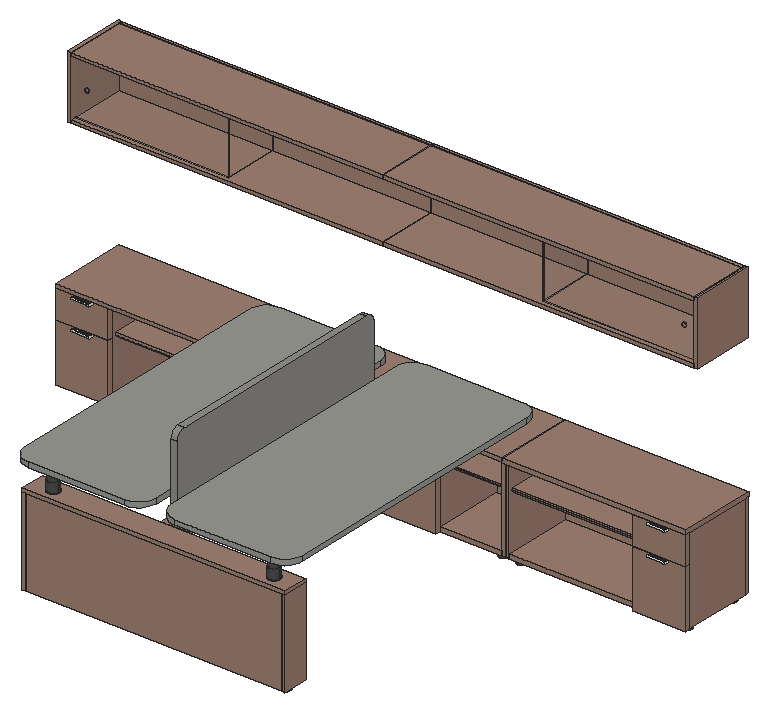
Revit family "T100135", category Furniture, Revit 2018
Family settings
  OmniClass Number = 23.40.20.00
  OmniClass Title = General Furniture and Specialties
  Work Plane-Based = No
  Always vertical = Yes
  Cut with Voids When Loaded = No
  Shared = No
  Room Calculation Point = No
Parameters (values of type "APTOS011")
  URL = "http://ofsbrands.com"
  Table Height [instance] = 27"
  Model = "APTOS011"
  Manufacturer = "OFS"
  Description = "OFS BRANDS OFS APTOS TYPICAL APTOS011"
  Copyright © = "© OFS BRANDS 2017"
  Catalog = "APTOS http://ofsbrands.com/products/casegoods/private-office/aptos"
  Authoring Version = "Autodesk Revit Architecture 2013"
  Assembly Code = "E2020200"
Reference planes (in)
  plane 1 "Center (Front/Back)": y = 0
  plane 2: z = 0
  plane 3 "Center (Left/Right)": x = 0
Dimensions and locks (in)
  aligned and locked: level to plane 2
  aligned and locked: nested 3 to nested 2
  aligned and locked: nested 9 to nested 2
Nested families (in)
  nested 1: "APTOS HEIGHT ADJUSTABLE MIDDLE CABINET 60IN WIDTH WITH END STORAGE" at (0, 0, 0), Table Height <- "Table Height", type "APTOS HEIGHT ADJUSTABLE MIDDLE CABINET 18" Depth Double Users"
    with Table Height 27", Standard Columns yes
  nested 2: "APTOS HEIGHT ADJUSTABLE PANEL BASE" at (0, -80, 0) x (-1, 0, 0) z (0, 0, 1), Table Height <- "Table Height", type "APTOS HEIGHT ADJUSTABLE PANEL BASE 60" Width"
    with Table Height 27", Standard Columns yes
  nested 3: "APTOS HEIGHT ADJUSTABLE SOLID SURFACE WORKSURFACE SOFT RECTANGLE" at (31.71875, -45, 3) x (0, -1, 0) z (0, 0, 1), type "APTOS HEIGHT ADJUSTABLE SOLID SURFACE WORKSURFACE SOFT RECTANGLE 72" x 30""
  nested 4: "APTOS FABRIC SURFACE MOUNT PRIVACY PANEL VERTICAL" at (-0.71875, -46, 22.5) x (0, 1, 0) z (0, 0, 1), type "APTOS FABRIC SURFACE MOUNT PRIVACY PANEL 56" x 19.5""
    with Height 19 1/2"
  nested 5: "APTOS WALLMOUNT ORGANIZER WITH OPEN END AND SLIDING GLASS DOOR Left" at (-36, 0, 0), type "APTOS WALLMOUNT ORGANIZER WITH OPEN END AND SLIDING GLASS DOOR 72" Width, Left Sliding Glass Door"
    with Width 72"
  nested 6: "APTOS WALLMOUNT ORGANIZER WITH OPEN END AND SLIDING GLASS DOOR Right" at (36, 0, 0), type "APTOS WALLMOUNT ORGANIZER WITH OPEN END AND SLIDING GLASS DOOR 72" Width, Right Sliding Glass Door"
  nested 7: "APTOS OPEN LEFT AND BOX-FILE RIGHT" at (51, 0, 0), type "APTOS OPEN LEFT AND BOX/FILE RIGHT 42"W"
    with Width 42", Right Module Size 11 5/8"
  nested 8: "APTOS OPEN RIGHT AND BOX-FILE LEFT" at (-51, 0, 0), type "APTOS OPEN RIGHT AND BOX/FILE LEFT 42"W"
    with Width 42", Left Module Size 11 5/8"
  nested 9: "APTOS HEIGHT ADJUSTABLE SOLID SURFACE WORKSURFACE SOFT RECTANGLE" at (-31.71875, -45, 3) x (0, -1, 0) z (0, 0, 1), type "APTOS HEIGHT ADJUSTABLE SOLID SURFACE WORKSURFACE SOFT RECTANGLE 72" x 30""
  nested 10: "APTOS RAIL" at (0, -46, 0) x (0, 1, 0) z (0, 0, 1), type "APTOS DUFOIL LEGS"
Definition of nested family "APTOS HEIGHT ADJUSTABLE MIDDLE CABINET 60IN WIDTH WITH END STORAGE"
  Parameters
    Width = 60"
    URL = "http://ofsbrands.com"
    Top Board Back Offset = 0"
    Table Height [instance] = 27"
    Standard Columns [instance] = yes
    Shelf Height = 13"
    Drawer Gap = 7/8"
    Table Material = none
    Depth = 30"
    Column Plate Thickness = 0.31357"
    Column Material = none
    Box Width = 28 1/2"
    Bottom Drawer Height = 12"
    Board Thick Top = 3/4"
    Board Thick Door = 1 1/8"
    Depth 2 = 30"
    Board Material = none
    Model = "34-6030HAWC4"
    Manufacturer = "OFS"
    Leg Caps Material = none
    Leg Offset = 2"
    Board Thick Internal = 3/4"
    Height = 22 1/4"
    Description = "OFS BRANDS OFS APTOS HEIGHT ADJUSTABLE MIDDLE CABINET 30\" Depth , Dual User (Two Lifting Columns), One Adjustable Shelf Each End, One Stationary Shelf Each End."
    Copyright © = "© OFS BRANDS 2017"
    Catalog = "APTOS http://ofsbrands.com/products/casegoods/private-office/aptos"
    Bottom Board Offset = 1 1/2"
    Board Thick Bot = 1"
    Board Thick Shelfs = 7/8"
    Board Thick Sides = 3/4"
    Board Thick Front = 3/4"
    Board Thick Back = 3/4"
    Authoring Version = "Autodesk Revit Architecture 2013"
    Assembly Code = "E2020200"
  Reference planes (in)
    plane 1 "Center Front/Back": y = 0
    plane 2: z = 0
    plane 3 "Center Left/Right": x = 0
    plane 4 "Left End": x = -30
    plane 5 "Front End": y = -28.875
    plane 6 "Right End": x = 30
    plane 7 "Back End": y = 0
    plane 8 "Height Top": z = 22.25
    plane 9: x = -29.25
    plane 10: x = 29.25
    plane 11: z = 14.625
    plane 12: z = 15.5
    plane 13: z = 21.5
    plane 14: z = 1.5
    plane 15: z = 2.5
    plane 16: y = -28.125
    plane 17: y = -2
    plane 18: y = -2
    plane 19: y = -26.875
    plane 20: y = -26.875
    plane 21: x = -28
    plane 22: x = 28
    plane 23: x = 28
    plane 24: x = -28
    plane 25: x = -15
    plane 26: x = -14.25
    plane 27: y = -30
    plane 28: z = 15.375
    plane 29: y = -0.75
    plane 30: x = 15
    plane 31: x = 14.25
    plane 32: z = 14.5
    plane 33: y = 0
    plane 34: z = 27
    plane 35: z = 26.68643
    plane 36: z = 24.625
  Forms (in)
    Extrusion 1, solid, material <- "Board Material"
      sketch origin (0, 0, 0) x (1, 0, 0) y (0, 1, 0)
        loop
          line (-30, -0.75) -> (-30, -28.875) -> (-29.25, -28.875) -> (-29.25, -0.75) -> (-30, -0.75)
      from 1.5 to 21.5
    Extrusion 2, solid, material <- "Board Material"
      sketch origin (0, 0, 0) x (-1, 0, 0) y (0, -1, 0)
        loop
          line (-30, 0.75) -> (-29.25, 0.75) -> (-29.25, 28.875) -> (-30, 28.875) -> (-30, 0.75)
      from 1.5 to 21.5
    Extrusion 3, solid, material <- "Board Material"
      sketch origin (0, 0, 0) x (1, 0, 0) y (0, 1, 0)
        loop
          line (-29.25, -0.75) -> (-29.25, -28.875) -> (29.25, -28.875) -> (29.25, -0.75) -> (-29.25, -0.75)
      from 1.5 to 2.5
    Extrusion 4, solid, material <- "Board Material"
      sketch origin (0, 0, 0) x (1, 0, 0) y (0, 1, 0)
        loop
          line (-30, 0) -> (-30, -30) -> (30, -30) -> (30, 0) -> (-30, 0)
      from 21.5 to 22.25
    Revolve 5, solid, material <- "Leg Caps Material"
      sketch origin (0, -2, 0) x (-1, 0, 0) y (0, 0, 1)
        loop
          line (27, 0.28743) -> (27.5, 0.28743)
          arc (27.5, 0.28743) -> (27.35629, 0.14371) -> (27.5, 0) r 0.14371
          line (27.5, 0) -> (28, 0) -> (28, 1.5) -> (27, 1.5) -> (27, 0.28743)
        axis (28, 1.5) -> (28, 0)
      angle from 0 to 360
    Revolve 6, solid, material <- "Leg Caps Material"
      sketch origin (0, -2, 0) x (1, 0, 0) y (0, 0, -1)
        loop
          line (27, -0.28743) -> (27, -1.5) -> (28, -1.5) -> (28, 0) -> (27.5, 0)
          arc (27.5, 0) -> (27.35629, -0.14371) -> (27.5, -0.28743) r 0.14371
          line (27.5, -0.28743) -> (27, -0.28743)
        axis (28, -1.5) -> (28, 0)
      angle from 0 to 360
    Revolve 7, solid, material <- "Leg Caps Material"
      sketch origin (0, -26.875, 0) x (-1, 0, 0) y (0, 0, -1)
        loop
          line (27, -0.28743) -> (27, -1.5) -> (28, -1.5) -> (28, 0) -> (27.5, 0)
          arc (27.5, 0) -> (27.35629, -0.14371) -> (27.5, -0.28743) r 0.14371
          line (27.5, -0.28743) -> (27, -0.28743)
        axis (28, -1.5) -> (28, 0)
      angle from 0 to 360
    Revolve 8, solid, material <- "Leg Caps Material"
      sketch origin (0, -26.875, 0) x (1, 0, 0) y (0, 0, 1)
        loop
          line (27, 0.28743) -> (27.5, 0.28743)
          arc (27.5, 0.28743) -> (27.35629, 0.14371) -> (27.5, 0) r 0.14371
          line (27.5, 0) -> (28, 0) -> (28, 1.5) -> (27, 1.5) -> (27, 0.28743)
        axis (28, 1.5) -> (28, 0)
      angle from 0 to 360
    Extrusion 9, solid, material <- "Board Material"
      sketch origin (0, 0, 0) x (1, 0, 0) y (0, 1, 0)
        loop
          line (-15, -0.75) -> (-15, -28.875) -> (-14.25, -28.875) -> (-14.25, -0.75) -> (-15, -0.75)
      from 2.5 to 21.5
    Extrusion 10, solid, material <- "Board Material"
      sketch origin (0, 27.875, 0) x (1, 0, 0) y (0, 1, 0)
        loop
          line (-30, -27.875) -> (-30, -28.625) -> (30, -28.625) -> (30, -27.875) -> (-30, -27.875)
      from 1.5 to 21.5
    Extrusion 11, solid, material <- "Board Material"
      sketch origin (0, 0, 0) x (0, 1, 0) y (0, 0, 1)
        loop
          line (-0.75, 15.5) -> (-28.125, 15.5) -> (-28.125, 15.125) -> (-27.625, 14.625) -> (-0.75, 14.625) -> (-0.75, 15.5)
      from -29.25 to -15
    Extrusion 12, solid, material <- "Board Material"
      sketch origin (0, 0, 0) x (1, 0, 0) y (0, 1, 0)
        loop
          line (15, -28.875) -> (-15, -28.875) -> (-15, -30) -> (15, -30) -> (15, -28.875)
      from 1.5 to 14.5
    Extrusion 13, solid, material <- "Board Material"
      sketch origin (0, 0, 0) x (1, 0, 0) y (0, 1, 0)
        loop
          line (15, -28.875) -> (-15, -28.875) -> (-15, -30) -> (15, -30) -> (15, -28.875)
      from 15.375 to 21.5
    Revolve 14, solid, material <- "Leg Caps Material"
      sketch origin (-28, -2, 0) x (1, 0, 0) y (0, 0, -1)
        loop
          line (27, -0.28743) -> (27, -1.5) -> (28, -1.5) -> (28, 0) -> (27.5, 0)
          arc (27.5, 0) -> (27.35629, -0.14371) -> (27.5, -0.28743) r 0.14371
          line (27.5, -0.28743) -> (27, -0.28743)
        axis (28, -1.5) -> (28, 0)
      angle from 0 to 360
    Revolve 15, solid, material <- "Leg Caps Material"
      sketch origin (-28, -26.875, 0) x (1, 0, 0) y (0, 0, 1)
        loop
          line (27, 0.28743) -> (27.5, 0.28743)
          arc (27.5, 0.28743) -> (27.35629, 0.14371) -> (27.5, 0) r 0.14371
          line (27.5, 0) -> (28, 0) -> (28, 1.5) -> (27, 1.5) -> (27, 0.28743)
        axis (28, 1.5) -> (28, 0)
      angle from 0 to 360
    Extrusion 16, solid, material <- "Board Material"
      sketch origin (0, 0, 0) x (-1, 0, 0) y (0, -1, 0)
        loop
          line (-15, 0.75) -> (-14.25, 0.75) -> (-14.25, 28.875) -> (-15, 28.875) -> (-15, 0.75)
      from 2.5 to 21.5
    Extrusion 17, void
      sketch origin (0, 0, 0) x (0, 1, 0) y (0, 0, 1)
        loop
          line (-29.75, 15.375) -> (-28.875, 15.375) -> (-28.875, 16.25) -> (-29.75, 15.375)
        loop
          line (-29.75, 14.5) -> (-28.875, 13.625) -> (-28.875, 14.5) -> (-29.75, 14.5)
      from -30 to 30
    Extrusion 18, solid
      sketch origin (0, 0, 0) x (0, 1, 0) y (0, 0, 1)
        loop
          line (-28.875, 16.25) -> (-28.875, 13.625) -> (-28.125, 13.625) -> (-28.125, 16.25) -> (-28.875, 16.25)
      from -14.25 to 14.25
    Extrusion 19, solid, material <- "Board Material"
      sketch origin (0, 0, 0) x (0, 1, 0) y (0, 0, 1)
        loop
          line (-0.75, 15.5) -> (-28.125, 15.5) -> (-28.125, 15.125) -> (-27.625, 14.625) -> (-0.75, 14.625) -> (-0.75, 15.5)
      from 15 to 29.25
    Extrusion 20, void
      sketch origin (0, 0, 0) x (1, 0, 0) y (0, 0, 1)
        loop
          line (2.25168, 21.5) -> (-2.24832, 21.5) -> (-2.24832, 19.24075) -> (2.25168, 19.24075) -> (2.25168, 21.5)
      from 0 to 30
    Extrusion 21, solid, material <- "Column Material", visible <- "Standard Columns"
      sketch origin (-7.27539, 59.09415, 0) x (1, 0, 0) y (0, 1, 0)
        loop
          circle (17.52539, -85.7497) r 1.37795
      from 2.5 to 22.25
    Extrusion 22, solid, material <- "Column Material", visible <- "Standard Columns"
      sketch origin (-7.27539, 59.09415, 0) x (1, 0, 0) y (0, 1, 0)
        loop
          circle (17.52539, -85.7497) r 1.25295
      from 22.25 to 24.625
    Extrusion 23, solid, material <- "Column Material", visible <- "Standard Columns"
      sketch origin (-7.27539, 59.09415, 0) x (1, 0, 0) y (0, 1, 0)
        loop
          circle (17.52539, -85.7497) r 1.12795
      from 24.625 to 26.68643
    Extrusion 24, solid, material <- "Column Material"
      sketch origin (-11.75, 11.84445, 0) x (-1, 0, 0) y (0, -1, 0)
        loop
          line (-26, 36.5) -> (-20, 36.5) -> (-20, 42.5) -> (-26, 42.5) -> (-26, 36.5)
      from 26.68643 to 27
    Extrusion 25, solid, material <- "Column Material", visible <- "Standard Columns"
      sketch origin (7.27539, 59.09415, 0) x (-1, 0, 0) y (0, -1, 0)
        loop
          circle (17.52539, 85.7497) r 1.37795
      from 2.5 to 22.25
    Extrusion 26, solid, material <- "Column Material", visible <- "Standard Columns"
      sketch origin (7.27539, 59.09415, 0) x (-1, 0, 0) y (0, -1, 0)
        loop
          circle (17.52539, 85.7497) r 1.25295
      from 22.25 to 24.625
    Extrusion 27, solid, material <- "Column Material", visible <- "Standard Columns"
      sketch origin (7.27539, 59.09415, 0) x (-1, 0, 0) y (0, -1, 0)
        loop
          circle (17.52539, 85.7497) r 1.12795
      from 24.625 to 26.68643
    Extrusion 28, solid, material <- "Column Material"
      sketch origin (11.75, 11.84445, 0) x (1, 0, 0) y (0, 1, 0)
        loop
          line (-26, -36.5) -> (-26, -42.5) -> (-20, -42.5) -> (-20, -36.5) -> (-26, -36.5)
      from 26.68643 to 27
  Cuts and joins
    Extrusion 17 cuts Extrusion 12
    Extrusion 17, Extrusion 20 cuts Extrusion 13
  Dimensions and locks (in)
    equal spacing: plane 4 "Left End", plane 3 "Center Left/Right", plane 6 "Right End"
    "Width": plane 4 "Left End" to plane 6 "Right End"
    "Height": plane 8 "Height Top" to level
    "Board Thick Sides": plane 4 "Left End" to plane 9
    "Board Thick Sides": plane 10 to plane 6 "Right End"
    "Board Thick Top": plane 8 "Height Top" to plane 13
    "Board Thick Shelfs": plane 12 to plane 11
    "Board Thick Bot": plane 15 to plane 14
    "Bottom Board Offset": plane 14 to level
    "Board Thick Front": plane 16 to plane 5 "Front End"
    "Leg Offset": plane 19 to plane 5 "Front End"
    "Leg Offset": plane 20 to plane 5 "Front End"
    "Leg Offset": plane 17 to plane 7 "Back End"
    "Leg Offset": plane 18 to plane 7 "Back End"
    "Leg Offset": plane 4 "Left End" to plane 21
    "Leg Offset": plane 22 to plane 6 "Right End"
    "Leg Offset": plane 23 to plane 6 "Right End"
    "Leg Offset": plane 4 "Left End" to plane 24
    "Board Thick Internal": plane 25 to plane 26
    "Board Thick Door": plane 27 to plane 5 "Front End"
    "Shelf Height": plane 12 to plane 15
    "Board Thick Back": plane 29 to plane 1 "Center Front/Back"
    "Depth 2": plane 27 to plane 1 "Center Front/Back"
    "Board Thick Internal": plane 30 to plane 31
    equal spacing: plane 26, plane 3 "Center Left/Right", plane 31
    "Box Width": plane 26 to plane 31
    "Bottom Drawer Height": plane 32 to plane 15
    "Drawer Gap": plane 28 to plane 32
    "Top Board Back Offset": plane 33 to plane 7 "Back End"
    "Table Height": plane 34 to level
    "Column Plate Thickness": plane 34 to plane 35
    equal spacing: plane 34, plane 36, plane 8 "Height Top"
    aligned and locked: level to plane 2
    aligned and locked: plane 5 "Front End" to Extrusion 1 sketch curve
    aligned and locked: Extrusion 1 sketch curve to plane 4 "Left End"
    aligned and locked: Extrusion 1 sketch curve to plane 9
    aligned and locked: plane 5 "Front End" to Extrusion 2
    aligned and locked: plane 10 to Extrusion 2
    aligned and locked: Extrusion 2 to plane 6 "Right End"
    aligned and locked: plane 14 to Extrusion 2
    aligned and locked: plane 10 to Extrusion 3 sketch curve
    aligned and locked: Extrusion 3 sketch curve to plane 9
    aligned and locked: plane 18 to Revolve 5
    aligned and locked: Revolve 6 to plane 17
    aligned and locked: plane 20 to Revolve 8
    aligned and locked: Revolve 7 to plane 19
    aligned and locked: Extrusion 9 sketch curve to plane 25
    aligned and locked: plane 26 to Extrusion 9 sketch curve
    aligned and locked: Extrusion 9 to plane 5 "Front End"
    aligned and locked: Extrusion 10 to plane 4 "Left End"
    aligned and locked: Extrusion 10 to plane 6 "Right End"
    aligned and locked: Extrusion 10 to plane 14
    aligned and locked: Extrusion 3 to plane 15
    aligned and locked: Extrusion 3 to plane 14
    aligned and locked: Extrusion 9 to plane 15
    aligned and locked: plane 13 to Extrusion 9
    aligned and locked: Extrusion 10 to plane 13
    aligned and locked: Extrusion 2 to plane 13
    aligned and locked: Extrusion 4 to plane 27
    aligned and locked: Extrusion 4 to plane 6 "Right End"
    aligned and locked: Extrusion 4 to plane 4 "Left End"
    aligned and locked: plane 8 "Height Top" to Extrusion 4
    aligned and locked: Extrusion 4 to plane 13
    aligned and locked: Extrusion 11 sketch curve to plane 12
    aligned and locked: plane 11 to Extrusion 11 sketch curve
    aligned and locked: Extrusion 11 sketch curve to plane 16
    aligned and locked: Extrusion 12 to plane 14
    aligned and locked: Extrusion 13 to plane 13
    aligned and locked: Extrusion 13 to plane 28
    aligned and locked: Extrusion 10 to plane 29
    aligned and locked: Extrusion 10 to plane 1 "Center Front/Back"
    aligned and locked: plane 29 to Extrusion 11
    aligned and locked: plane 29 to Extrusion 9
    aligned and locked: plane 13 to Extrusion 1
    aligned and locked: Extrusion 1 to plane 14
    aligned and locked: plane 17 to Revolve 14
    aligned and locked: Revolve 15 to plane 20
    aligned and locked: Extrusion 16 sketch curve to plane 30
    aligned and locked: Extrusion 16 sketch curve to plane 31
    aligned and locked: Extrusion 12 to plane 32
    aligned and locked: Extrusion 4 to plane 33
    aligned and locked: Extrusion 18 sketch curve to plane 16
    aligned and locked: Extrusion 18 sketch curve to cut or joined group of Extrusion 13, Extrusion 17, Extrusion 20
    aligned and locked: Extrusion 3 to plane 29
    aligned and locked: plane 29 to Extrusion 2
    aligned and locked: plane 29 to Extrusion 1
    aligned and locked: cut or joined group of Extrusion 12, Extrusion 17 to plane 25
    aligned and locked: cut or joined group of Extrusion 13, Extrusion 17, Extrusion 20 to plane 25
    aligned and locked: cut or joined group of Extrusion 13, Extrusion 17, Extrusion 20 to plane 30
    aligned and locked: cut or joined group of Extrusion 12, Extrusion 17 to plane 30
    aligned and locked: plane 31 to Extrusion 18
    aligned and locked: plane 26 to Extrusion 18
    aligned and locked: Extrusion 11 to plane 9
    aligned and locked: plane 25 to Extrusion 11
    aligned and locked: Extrusion 19 to plane 10
    aligned and locked: plane 30 to Extrusion 19
    aligned and locked: Extrusion 16 to plane 13
    aligned and locked: Extrusion 16 to plane 15
    aligned and locked: Extrusion 4 to Extrusion 20
    aligned and locked: Extrusion 10 to Extrusion 20
    aligned and locked: Extrusion 20 to Extrusion 2
    aligned and locked: plane 34 to Extrusion 24
    aligned and locked: plane 34 to Extrusion 28
    aligned and locked: Extrusion 24 to plane 35
    aligned and locked: Extrusion 28 to plane 35
    aligned and locked: plane 35 to Extrusion 23
    aligned and locked: plane 35 to Extrusion 27
    aligned and locked: plane 36 to Extrusion 22
    aligned and locked: Extrusion 23 to plane 36
    aligned and locked: plane 36 to Extrusion 26
    aligned and locked: Extrusion 27 to plane 36
    aligned and locked: plane 8 "Height Top" to Extrusion 21
    aligned and locked: Extrusion 22 to plane 8 "Height Top"
    aligned and locked: plane 8 "Height Top" to Extrusion 25
    aligned and locked: Extrusion 26 to plane 8 "Height Top"
  Automatic sketch dimensions
    Extrusion 1 sketch curve to plane 29 = 0"
    plane 5 "Front End" to Extrusion 2 sketch curve = 0"
    Extrusion 2 sketch curve to plane 6 "Right End" = 0"
    Extrusion 2 sketch curve to plane 10 = 0"
    plane 29 to Extrusion 2 sketch curve = 0"
    Extrusion 3 sketch curve to plane 5 "Front End" = 0"
    Extrusion 3 sketch curve to plane 29 = 0"
    Extrusion 4 sketch curve to plane 4 "Left End" = 0"
    Extrusion 4 sketch curve to plane 6 "Right End" = 0"
    Extrusion 4 sketch curve to plane 27 = 0"
    plane 33 to Extrusion 4 sketch curve = 0"
    Revolve 5 sketch curve to plane 14 = 0"
    Revolve 5 sketch curve to level = 0"
    plane 21 to Revolve 5 sketch curve = 0"  (x2)
    level to Revolve 5 sketch curve = 0.28743"
    Revolve 5 sketch curve to plane 21 = 1/2"
    Revolve 5 sketch curve to Revolve 5 sketch curve = 1/2"  (x2)
    Revolve 5 sketch curve to Revolve 5 sketch curve = 0"
    level to Revolve 5 sketch curve = 0.14371"
    Revolve 5 sketch curve to plane 15 = 1/4"
    Revolve 6 sketch curve to plane 14 = 0"
    Revolve 6 sketch curve to level = 0"
    Revolve 6 sketch curve to plane 22 = 0"  (x2)
    level to Revolve 6 sketch curve = 0.28743"
    Revolve 6 sketch curve to plane 22 = 1/2"
    Revolve 6 sketch curve to Revolve 6 sketch curve = 1/2"
    Revolve 6 sketch curve to Revolve 6 sketch curve = 0"  (x2)
    Revolve 6 sketch curve to plane 15 = 1/4"
    Revolve 6 sketch curve to level = 1/2"
    Revolve 7 sketch curve to plane 14 = 0"
    Revolve 7 sketch curve to level = 0"
    plane 21 to Revolve 7 sketch curve = 0"  (x2)
    level to Revolve 7 sketch curve = 0.28743"
    Revolve 7 sketch curve to plane 21 = 1/2"
    Revolve 7 sketch curve to Revolve 7 sketch curve = 1/2"  (x2)
    Revolve 7 sketch curve to Revolve 7 sketch curve = 0"  (x2)
    Revolve 7 sketch curve to plane 15 = 1/4"
    Revolve 8 sketch curve to plane 14 = 0"
    Revolve 8 sketch curve to level = 0"
    Revolve 8 sketch curve to plane 22 = 0"  (x2)
    level to Revolve 8 sketch curve = 0.28743"
    Revolve 8 sketch curve to Revolve 8 sketch curve = 1/2"  (x3)
    Revolve 8 sketch curve to Revolve 8 sketch curve = 0"
    level to Revolve 8 sketch curve = 0.14371"
    Revolve 8 sketch curve to plane 15 = 1/4"
    Extrusion 9 sketch curve to plane 5 "Front End" = 0"
    Extrusion 9 sketch curve to plane 29 = 0"
    Extrusion 10 sketch curve to plane 4 "Left End" = 0"
    Extrusion 10 sketch curve to plane 6 "Right End" = 0"
    Extrusion 10 sketch curve to plane 29 = 0"
    plane 1 "Center Front/Back" to Extrusion 10 sketch curve = 0"
    Extrusion 11 sketch curve to plane 29 = 0"
    Extrusion 11 sketch curve to plane 28 = 1/4"
    Extrusion 11 sketch curve to plane 16 = 1/2"
    Extrusion 12 sketch curve to plane 5 "Front End" = 0"
    Extrusion 12 sketch curve to plane 25 = 0"
    plane 27 to Extrusion 12 sketch curve = 0"
    Extrusion 12 sketch curve to plane 30 = 0"
    Extrusion 13 sketch curve to plane 5 "Front End" = 0"
    Extrusion 13 sketch curve to plane 25 = 0"
    plane 27 to Extrusion 13 sketch curve = 0"
    Extrusion 13 sketch curve to plane 30 = 0"
    Revolve 14 sketch curve to plane 14 = 0"
    Revolve 14 sketch curve to level = 0"
    Revolve 14 sketch curve to plane 3 "Center Left/Right" = 0"  (x2)
    level to Revolve 14 sketch curve = 0.28743"
    Revolve 14 sketch curve to plane 3 "Center Left/Right" = 1/2"
    Revolve 14 sketch curve to Revolve 14 sketch curve = 1/2"
    Revolve 14 sketch curve to Revolve 14 sketch curve = 0"  (x2)
    Revolve 14 sketch curve to plane 15 = 1/4"
    Revolve 14 sketch curve to level = 1/2"
    Revolve 15 sketch curve to plane 14 = 0"
    Revolve 15 sketch curve to level = 0"
    Revolve 15 sketch curve to plane 3 "Center Left/Right" = 0"  (x2)
    level to Revolve 15 sketch curve = 0.28743"
    Revolve 15 sketch curve to plane 3 "Center Left/Right" = 1/2"
    Revolve 15 sketch curve to Revolve 15 sketch curve = 1/2"  (x2)
    Revolve 15 sketch curve to Revolve 15 sketch curve = 0"
    level to Revolve 15 sketch curve = 0.14371"
    Revolve 15 sketch curve to plane 15 = 1/4"
    Extrusion 16 sketch curve to plane 5 "Front End" = 0"
    plane 29 to Extrusion 16 sketch curve = 0"
    Extrusion 17 sketch curve to plane 28 = 0"
    Extrusion 17 sketch curve to plane 32 = 0"
    Extrusion 17 sketch curve to plane 5 "Front End" = 0"  (x2)
    Extrusion 17 sketch curve to plane 32 = 7/8"
    Extrusion 17 sketch curve to plane 27 = 1/4"  (x2)
    plane 12 to Extrusion 17 sketch curve = 3/4"
    Extrusion 18 sketch curve to plane 32 = 7/8"
    plane 12 to Extrusion 18 sketch curve = 3/4"
    Extrusion 19 sketch curve to plane 12 = 0"
    Extrusion 19 sketch curve to plane 16 = 0"
    Extrusion 19 sketch curve to plane 11 = 0"
    Extrusion 19 sketch curve to plane 29 = 0"
    Extrusion 19 sketch curve to plane 28 = 1/4"
    Extrusion 19 sketch curve to plane 16 = 1/2"
    Extrusion 20 sketch curve to plane 13 = 0"
    Extrusion 20 sketch curve to plane 3 "Center Left/Right" = 2.24832"
    Extrusion 20 sketch curve to plane 13 = 2.25925"
    plane 3 "Center Left/Right" to Extrusion 20 sketch curve = 2.25168"
    Extrusion 21 sketch curve to plane 19 = 0.21945"
    Extrusion 21 sketch curve to plane 31 = 4"
    Extrusion 22 sketch curve to Extrusion 22 sketch curve = 0"  (x2)
    Extrusion 22 sketch curve to plane 19 = 0.21945"
    Extrusion 22 sketch curve to plane 31 = 5.25295"
    Extrusion 22 sketch curve to Extrusion 22 sketch curve = 1.25295"
    Extrusion 23 sketch curve to Extrusion 23 sketch curve = 0"  (x2)
    Extrusion 23 sketch curve to plane 19 = 0.21945"
    Extrusion 23 sketch curve to plane 31 = 5.12795"
    Extrusion 23 sketch curve to Extrusion 23 sketch curve = 1.12795"
    Extrusion 24 sketch curve to plane 31 = 0"
    Extrusion 24 sketch curve to plane 27 = 0.65555"
    plane 31 to Extrusion 24 sketch curve = 6"
    plane 19 to Extrusion 24 sketch curve = 2.21945"
    Extrusion 25 sketch curve to plane 19 = 0.21945"
    Extrusion 25 sketch curve to plane 26 = 4"
    Extrusion 26 sketch curve to Extrusion 26 sketch curve = 0"  (x2)
    Extrusion 26 sketch curve to plane 19 = 0.21945"
    Extrusion 26 sketch curve to plane 26 = 5.25295"
    Extrusion 26 sketch curve to Extrusion 26 sketch curve = 1.25295"
    Extrusion 27 sketch curve to Extrusion 27 sketch curve = 0"  (x2)
    Extrusion 27 sketch curve to plane 19 = 0.21945"
    Extrusion 27 sketch curve to plane 26 = 5.12795"
    Extrusion 27 sketch curve to Extrusion 27 sketch curve = 1.12795"
    Extrusion 28 sketch curve to plane 26 = 0"
    plane 27 to Extrusion 28 sketch curve = 0.65555"
    Extrusion 28 sketch curve to plane 26 = 6"
    Extrusion 28 sketch curve to plane 19 = 2.21945"
    radius of Extrusion 21 sketch curve = 1.37795"
    radius of Extrusion 25 sketch curve = 1.37795"
Definition of nested family "APTOS HEIGHT ADJUSTABLE PANEL BASE"
  Parameters
    Width = 60"
    URL = "http://ofsbrands.com"
    Top Board Back Offset = 0"
    Table Material = none
    Table Height [instance] = 40"
    Standard Columns [instance] = yes
    Depth = 6"
    Column Plate Thickness = 0.31357"
    Column Material = none
    Box Width = 7"
    Board Thick Top = 3/4"
    Board Thick Door = 1 1/8"
    Depth 2 = 6"
    Board Material = none
    Model = "34-6006HAWC1"
    Manufacturer = "OFS"
    Leg Caps Material = none
    Leg Offset = 2"
    Board Thick Internal = 3/4"
    Height = 22 1/4"
    Description = "OFS BRANDS OFS APTOS HEIGHT ADJUSTABLE PANEL BASE 60\" Width, Height Adjustable Control, Removable Access Panel, Low Height Enclosed Panel Base Includes Lifting Column"
    Copyright © = "© OFS BRANDS 2017"
    Catalog = "APTOS http://ofsbrands.com/products/casegoods/private-office/aptos"
    Bottom Board Offset = 1 1/2"
    Board Thick Bot = 1"
    Board Thick Sides = 3/4"
    Board Thick Front = 3/4"
    Board Thick Back = 3/4"
    Authoring Version = "Autodesk Revit Architecture 2013"
    Assembly Code = "E2020200"
  Reference planes (in)
    plane 1 "Center Front/Back": y = 0
    plane 2: z = 0
    plane 3 "Center Left/Right": x = 0
    plane 4 "Left End": x = -30
    plane 5 "Front End": y = -4.875
    plane 6 "Right End": x = 30
    plane 7 "Back End": y = 0
    plane 8 "Height Top": z = 22.25
    plane 9: x = -29.25
    plane 10: x = 29.25
    plane 11: z = 21.5
    plane 12: z = 1.5
    plane 13: z = 2.5
    plane 14: y = -4.125
    plane 15: y = -2
    plane 16: y = -2
    plane 17: y = -2.875
    plane 18: y = -2.875
    plane 19: x = -28
    plane 20: x = 28
    plane 21: x = 28
    plane 22: x = -28
    plane 23: y = -6
    plane 24: y = -0.75
    plane 25: y = 0
    plane 26: x = -4.25
    plane 27: x = -3.5
    plane 28: x = 4.25
    plane 29: x = 3.5
    plane 30: z = 40
    plane 31: z = 39.68643
    plane 32: z = 30.96821
  Forms (in)
    Extrusion 1, solid, material <- "Board Material"
      sketch origin (0, 0, 0) x (1, 0, 0) y (0, 1, 0)
        loop
          line (-30, 0) -> (-30, -6) -> (-29.25, -6) -> (-29.25, 0) -> (-30, 0)
      from 1.5 to 21.5
    Extrusion 2, solid, material <- "Board Material"
      sketch origin (0, 0, 0) x (-1, 0, 0) y (0, -1, 0)
        loop
          line (-30, 0) -> (-29.25, 0) -> (-29.25, 6) -> (-30, 6) -> (-30, 0)
      from 1.5 to 21.5
    Extrusion 3, solid, material <- "Board Material"
      sketch origin (0, 0, 0) x (1, 0, 0) y (0, 1, 0)
        loop
          line (-29.25, -0.75) -> (-29.25, -4.875) -> (29.25, -4.875) -> (29.25, -0.75) -> (-29.25, -0.75)
      from 1.5 to 2.5
    Extrusion 4, solid, material <- "Board Material"
      sketch origin (0, 0, 0) x (1, 0, 0) y (0, 1, 0)
        loop
          line (-30, 0) -> (-30, -6) -> (30, -6) -> (30, 0) -> (-30, 0)
      from 21.5 to 22.25
    Revolve 5, solid, material <- "Leg Caps Material"
      sketch origin (0, -2.875, 0) x (-1, 0, 0) y (0, 0, -1)
        loop
          line (27, -0.28743) -> (27, -1.5) -> (28, -1.5) -> (28, 0) -> (27.5, 0)
          arc (27.5, 0) -> (27.35629, -0.14371) -> (27.5, -0.28743) r 0.14371
          line (27.5, -0.28743) -> (27, -0.28743)
        axis (28, -1.5) -> (28, 0)
      angle from 0 to 360
    Revolve 6, solid, material <- "Leg Caps Material"
      sketch origin (0, -2.875, 0) x (1, 0, 0) y (0, 0, 1)
        loop
          line (27, 0.28743) -> (27.5, 0.28743)
          arc (27.5, 0.28743) -> (27.35629, 0.14371) -> (27.5, 0) r 0.14371
          line (27.5, 0) -> (28, 0) -> (28, 1.5) -> (27, 1.5) -> (27, 0.28743)
        axis (28, 1.5) -> (28, 0)
      angle from 0 to 360
    Extrusion 7, solid, material <- "Board Material"
      sketch origin (0, 0, 0) x (1, 0, 0) y (0, 1, 0)
        loop
          line (-4.25, -0.75) -> (-4.25, -4.875) -> (-3.5, -4.875) -> (-3.5, -0.75) -> (-4.25, -0.75)
      from 2.5 to 21.5
    Extrusion 8, solid, material <- "Board Material"
      sketch origin (0, 27.875, 0) x (1, 0, 0) y (0, 1, 0)
        loop
          line (-29.25, -27.875) -> (-29.25, -28.625) -> (29.25, -28.625) -> (29.25, -27.875) -> (-29.25, -27.875)
      from 1.5 to 21.5
    Extrusion 9, solid, material <- "Board Material"
      sketch origin (0, 0, 0) x (1, 0, 0) y (0, 1, 0)
        loop
          line (29.25, -4.875) -> (-29.25, -4.875) -> (-29.25, -6) -> (29.25, -6) -> (29.25, -4.875)
      from 1.5 to 21.5
    Revolve 10, solid, material <- "Leg Caps Material"
      sketch origin (-28, -2.875, 0) x (1, 0, 0) y (0, 0, 1)
        loop
          line (27, 0.28743) -> (27.5, 0.28743)
          arc (27.5, 0.28743) -> (27.35629, 0.14371) -> (27.5, 0) r 0.14371
          line (27.5, 0) -> (28, 0) -> (28, 1.5) -> (27, 1.5) -> (27, 0.28743)
        axis (28, 1.5) -> (28, 0)
      angle from 0 to 360
    Extrusion 11, solid, material <- "Board Material"
      sketch origin (0, 0, 0) x (-1, 0, 0) y (0, -1, 0)
        loop
          line (-4.25, 0.75) -> (-3.5, 0.75) -> (-3.5, 4.875) -> (-4.25, 4.875) -> (-4.25, 0.75)
      from 2.5 to 21.5
    Extrusion 12, void
      sketch origin (0, 0, 0) x (1, 0, 0) y (0, 0, 1)
        loop
          line (2.25168, 21.5) -> (-2.24832, 21.5) -> (-2.24832, 19.00255) -> (2.25168, 19.00255) -> (2.25168, 21.5)
      from 0 to 6
    Extrusion 13, solid, material <- "Column Material", visible <- "Standard Columns"
      sketch origin (-7.27539, 70.81173, 0) x (1, 0, 0) y (0, 1, 0)
        loop
          circle (32.52539, -73.7497) r 1.37795
      from 2.5 to 22.25
    Extrusion 14, solid, material <- "Column Material", visible <- "Standard Columns"
      sketch origin (-7.27539, 70.81173, 0) x (1, 0, 0) y (0, 1, 0)
        loop
          circle (32.52539, -73.7497) r 1.25295
      from 22.25 to 30.96821
    Extrusion 15, solid, material <- "Column Material", visible <- "Standard Columns"
      sketch origin (-7.27539, 70.81173, 0) x (1, 0, 0) y (0, 1, 0)
        loop
          circle (32.52539, -73.7497) r 1.12795
      from 30.96821 to 39.68643
    Extrusion 16, solid, material <- "Column Material", visible <- "Standard Columns"
      sketch origin (7.27539, 70.81173, 0) x (-1, 0, 0) y (0, -1, 0)
        loop
          circle (32.52539, 73.7497) r 1.37795
      from 2.5 to 22.25
    Extrusion 17, solid, material <- "Column Material", visible <- "Standard Columns"
      sketch origin (7.27539, 70.81173, 0) x (-1, 0, 0) y (0, -1, 0)
        loop
          circle (32.52539, 73.7497) r 1.25295
      from 22.25 to 30.96821
    Extrusion 18, solid, material <- "Column Material", visible <- "Standard Columns"
      sketch origin (7.27539, 70.81173, 0) x (-1, 0, 0) y (0, -1, 0)
        loop
          circle (32.52539, 73.7497) r 1.12795
      from 30.96821 to 39.68643
    Extrusion 19, solid, material <- "Column Material"
      sketch origin (-11.75, 23.56203, 0) x (-1, 0, 0) y (0, -1, 0)
        loop
          line (-41, 24.5) -> (-20, 24.5) -> (-20, 30.5) -> (-41, 30.5) -> (-41, 24.5)
      from 39.68643 to 40
    Extrusion 20, solid, material <- "Column Material"
      sketch origin (11.75, 23.56203, 0) x (1, 0, 0) y (0, 1, 0)
        loop
          line (-41, -24.5) -> (-41, -30.5) -> (-20, -30.5) -> (-20, -24.5) -> (-41, -24.5)
      from 39.68643 to 40
  Cuts and joins
    Extrusion 12 cuts Extrusion 9
  Dimensions and locks (in)
    equal spacing: plane 4 "Left End", plane 3 "Center Left/Right", plane 6 "Right End"
    "Width": plane 4 "Left End" to plane 6 "Right End"
    "Height": plane 8 "Height Top" to level
    "Board Thick Sides": plane 4 "Left End" to plane 9
    "Board Thick Sides": plane 10 to plane 6 "Right End"
    "Board Thick Top": plane 8 "Height Top" to plane 11
    "Board Thick Bot": plane 13 to plane 12
    "Bottom Board Offset": plane 12 to level
    "Board Thick Front": plane 14 to plane 5 "Front End"
    "Leg Offset": plane 17 to plane 5 "Front End"
    "Leg Offset": plane 18 to plane 5 "Front End"
    "Leg Offset": plane 15 to plane 7 "Back End"
    "Leg Offset": plane 16 to plane 7 "Back End"
    "Leg Offset": plane 4 "Left End" to plane 19
    "Leg Offset": plane 20 to plane 6 "Right End"
    "Leg Offset": plane 21 to plane 6 "Right End"
    "Leg Offset": plane 4 "Left End" to plane 22
    "Board Thick Door": plane 23 to plane 5 "Front End"
    "Board Thick Back": plane 24 to plane 1 "Center Front/Back"
    "Depth 2": plane 23 to plane 1 "Center Front/Back"
    "Top Board Back Offset": plane 25 to plane 7 "Back End"
    equal spacing: plane 27, plane 3 "Center Left/Right", plane 29
    "Box Width": plane 27 to plane 29
    "Board Thick Internal": plane 29 to plane 28
    "Board Thick Internal": plane 26 to plane 27
    "Table Height": plane 30 to level
    "Column Plate Thickness": plane 30 to plane 31
    equal spacing: plane 31, plane 32, plane 8 "Height Top"
    aligned and locked: level to plane 2
    aligned and locked: plane 4 "Left End" to Extrusion 1 sketch curve
    aligned and locked: Extrusion 1 sketch curve to plane 9
    aligned and locked: plane 10 to Extrusion 2
    aligned and locked: Extrusion 2 to plane 6 "Right End"
    aligned and locked: plane 12 to Extrusion 2
    aligned and locked: plane 10 to Extrusion 3 sketch curve
    aligned and locked: plane 9 to Extrusion 3 sketch curve
    aligned and locked: plane 18 to Revolve 6
    aligned and locked: Revolve 5 to plane 17
    aligned and locked: Extrusion 8 to plane 12
    aligned and locked: Extrusion 3 to plane 13
    aligned and locked: Extrusion 3 to plane 12
    aligned and locked: Extrusion 8 to plane 11
    aligned and locked: Extrusion 2 to plane 11
    aligned and locked: Extrusion 4 to plane 23
    aligned and locked: Extrusion 4 to plane 6 "Right End"
    aligned and locked: Extrusion 4 to plane 4 "Left End"
    aligned and locked: plane 8 "Height Top" to Extrusion 4
    aligned and locked: Extrusion 4 to plane 11
    aligned and locked: Extrusion 9 to plane 11
    aligned and locked: Extrusion 8 to plane 24
    aligned and locked: Extrusion 8 to plane 1 "Center Front/Back"
    aligned and locked: Revolve 10 to plane 18
    aligned and locked: Extrusion 4 to plane 25
    aligned and locked: Extrusion 3 to plane 24
    aligned and locked: plane 11 to Extrusion 11
    aligned and locked: Extrusion 11 to plane 13
    aligned and locked: Extrusion 4 to Extrusion 12
    aligned and locked: Extrusion 8 to Extrusion 12
    aligned and locked: Extrusion 12 to Extrusion 2
    aligned and locked: cut or joined group of Extrusion 9, Extrusion 12 to plane 9
    aligned and locked: cut or joined group of Extrusion 9, Extrusion 12 to plane 10
    aligned and locked: plane 23 to Extrusion 1
    aligned and locked: plane 23 to Extrusion 2
    aligned and locked: Extrusion 8 to plane 10
    aligned and locked: Extrusion 8 to plane 9
    aligned and locked: Extrusion 1 to plane 7 "Back End"
    aligned and locked: Extrusion 2 to plane 7 "Back End"
    aligned and locked: plane 29 to Extrusion 11
    aligned and locked: Extrusion 11 to plane 28
    aligned and locked: Extrusion 7 to plane 26
    aligned and locked: cut or joined group of Extrusion 9, Extrusion 12 to plane 12
    aligned and locked: Extrusion 14 to plane 32
    aligned and locked: plane 32 to Extrusion 15
    aligned and locked: plane 31 to Extrusion 19
    aligned and locked: Extrusion 19 to plane 30
    aligned and locked: Extrusion 15 to plane 31
    aligned and locked: plane 30 to Extrusion 20
    aligned and locked: Extrusion 20 to plane 31
    aligned and locked: plane 31 to Extrusion 18
    aligned and locked: plane 32 to Extrusion 17
    aligned and locked: Extrusion 18 to plane 32
  Automatic sketch dimensions
    plane 24 to Extrusion 1 sketch curve = 3/4"
    plane 5 "Front End" to Extrusion 2 sketch curve = 1 1/8"
    Extrusion 2 sketch curve to plane 6 "Right End" = 0"
    Extrusion 2 sketch curve to plane 10 = 0"
    Extrusion 2 sketch curve to plane 24 = 3/4"
    Extrusion 3 sketch curve to plane 5 "Front End" = 0"
    Extrusion 3 sketch curve to plane 24 = 0"
    Extrusion 4 sketch curve to plane 4 "Left End" = 0"
    Extrusion 4 sketch curve to plane 6 "Right End" = 0"
    Extrusion 4 sketch curve to plane 23 = 0"
    plane 25 to Extrusion 4 sketch curve = 0"
    Revolve 5 sketch curve to plane 12 = 0"
    Revolve 5 sketch curve to level = 0"
    plane 19 to Revolve 5 sketch curve = 0"  (x2)
    level to Revolve 5 sketch curve = 0.28743"
    Revolve 5 sketch curve to plane 19 = 1/2"
    Revolve 5 sketch curve to Revolve 5 sketch curve = 1/2"  (x2)
    Revolve 5 sketch curve to Revolve 5 sketch curve = 0"  (x2)
    Revolve 5 sketch curve to plane 13 = 1/4"
    Revolve 6 sketch curve to plane 12 = 0"
    Revolve 6 sketch curve to level = 0"
    Revolve 6 sketch curve to plane 20 = 0"  (x2)
    level to Revolve 6 sketch curve = 0.28743"
    Revolve 6 sketch curve to Revolve 6 sketch curve = 1/2"  (x3)
    Revolve 6 sketch curve to Revolve 6 sketch curve = 0"
    level to Revolve 6 sketch curve = 0.14371"
    Revolve 6 sketch curve to plane 13 = 1/4"
    Extrusion 7 sketch curve to plane 5 "Front End" = 0"
    Extrusion 7 sketch curve to plane 24 = 0"
    plane 4 "Left End" to Extrusion 8 sketch curve = 3/4"
    plane 6 "Right End" to Extrusion 8 sketch curve = 3/4"
    Extrusion 8 sketch curve to plane 24 = 0"
    plane 1 "Center Front/Back" to Extrusion 8 sketch curve = 0"
    Extrusion 9 sketch curve to plane 5 "Front End" = 0"
    plane 23 to Extrusion 9 sketch curve = 0"
    Revolve 10 sketch curve to plane 12 = 0"
    Revolve 10 sketch curve to level = 0"
    Revolve 10 sketch curve to plane 3 "Center Left/Right" = 0"  (x2)
    level to Revolve 10 sketch curve = 0.28743"
    Revolve 10 sketch curve to plane 3 "Center Left/Right" = 1/2"
    Revolve 10 sketch curve to Revolve 10 sketch curve = 1/2"  (x2)
    Revolve 10 sketch curve to Revolve 10 sketch curve = 0"
    level to Revolve 10 sketch curve = 0.14371"
    Revolve 10 sketch curve to plane 13 = 1/4"
    Extrusion 11 sketch curve to plane 5 "Front End" = 0"
    plane 24 to Extrusion 11 sketch curve = 0"
    Extrusion 12 sketch curve to plane 11 = 0"
    Extrusion 12 sketch curve to plane 3 "Center Left/Right" = 2.24832"
    Extrusion 12 sketch curve to plane 11 = 2.49745"
    plane 3 "Center Left/Right" to Extrusion 12 sketch curve = 2.25168"
    plane 20 to Extrusion 9 sketch curve = 1 1/4"
    plane 20 to Extrusion 11 sketch curve = 23 3/4"
    Extrusion 11 sketch curve to Extrusion 11 sketch curve = 3/4"
    Extrusion 7 sketch curve to plane 19 = 23 3/4"
    Extrusion 7 sketch curve to Extrusion 7 sketch curve = 3/4"
    plane 19 to Extrusion 9 sketch curve = 1 1/4"
    Extrusion 1 sketch curve to plane 5 "Front End" = 1 1/8"
    Extrusion 13 sketch curve to plane 20 = 2 3/4"
    Extrusion 13 sketch curve to plane 23 = 3.06203"
    Extrusion 14 sketch curve to Extrusion 14 sketch curve = 0"  (x2)
    Extrusion 14 sketch curve to plane 20 = 4.00295"
    Extrusion 14 sketch curve to Extrusion 14 sketch curve = 1.25295"
    Extrusion 14 sketch curve to plane 23 = 3.06203"
    Extrusion 15 sketch curve to Extrusion 15 sketch curve = 0"  (x2)
    Extrusion 15 sketch curve to plane 20 = 3.87795"
    Extrusion 15 sketch curve to Extrusion 15 sketch curve = 1.12795"
    Extrusion 15 sketch curve to plane 23 = 3.06203"
    Extrusion 16 sketch curve to plane 19 = 2 3/4"
    Extrusion 16 sketch curve to plane 23 = 3.06203"
    Extrusion 17 sketch curve to Extrusion 17 sketch curve = 0"  (x2)
    Extrusion 17 sketch curve to plane 19 = 4.00295"
    Extrusion 17 sketch curve to Extrusion 17 sketch curve = 1.25295"
    Extrusion 17 sketch curve to plane 23 = 3.06203"
    Extrusion 18 sketch curve to Extrusion 18 sketch curve = 0"  (x2)
    Extrusion 18 sketch curve to plane 19 = 3.87795"
    Extrusion 18 sketch curve to Extrusion 18 sketch curve = 1.12795"
    Extrusion 18 sketch curve to plane 23 = 3.06203"
    Extrusion 19 sketch curve to plane 10 = 0"
    plane 28 to Extrusion 19 sketch curve = 4"
    Extrusion 19 sketch curve to plane 23 = 0.93797"
    Extrusion 19 sketch curve to Extrusion 19 sketch curve = 6"
    Extrusion 20 sketch curve to plane 9 = 0"
    Extrusion 20 sketch curve to plane 26 = 4"
    plane 23 to Extrusion 20 sketch curve = 0.93797"
    Extrusion 20 sketch curve to Extrusion 20 sketch curve = 6"
    radius of Extrusion 13 sketch curve = 1.37795"
    radius of Extrusion 16 sketch curve = 1.37795"
Definition of nested family "APTOS HEIGHT ADJUSTABLE SOLID SURFACE WORKSURFACE SOFT RECTANGLE"
  Parameters
    Width = 72"
    URL = "http://ofsbrands.com"
    Door Handle Material = none
    Depth = 30"
    Board Material = none
    Model = "34-7230HASRTC"
    Manufacturer = "OFS"
    Leg Caps Material = none
    Height = 1 7/8"
    Description = "OFS BRANDS OFS APTOS HEIGHT ADJUSTABLE SOLID SURFACE SOFT RECTANGLE WORKSURFACE 72\" x 30\""
    Copyright © = "© OFS BRANDS 2017"
    Catalog = "APTOS http://ofsbrands.com/products/casegoods/private-office/aptos"
    Bottom Board Offset = 24"
    Authoring Version = "Autodesk Revit Architecture 2013"
    Assembly Code = "E2020200"
  Reference planes (in)
    plane 1 "Center Front/Back": y = 0
    plane 2: z = 0
    plane 3 "Center Left/Right": x = 0
    plane 4 "Left End": x = -36
    plane 5 "Front End": y = -30
    plane 6 "Right End": x = 36
    plane 7 "Height Top": z = 25.875
    plane 8: z = 24
  Forms (in)
    Extrusion 1, solid, material <- "Board Material"
      sketch origin (0, 0, 0) x (1, 0, 0) y (0, 1, 0)
        loop
          arc (-32, 0) -> (-34.82843, -1.17157) -> (-36, -4) r 4
          line (-36, -4) -> (-36, -26)
          arc (-36, -26) -> (-34.82843, -28.82843) -> (-32, -30) r 4
          line (-32, -30) -> (32, -30)
          arc (32, -30) -> (34.82843, -28.82843) -> (36, -26) r 4
          line (36, -26) -> (36, -4)
          arc (36, -4) -> (34.82843, -1.17157) -> (32, 0) r 4
          line (32, 0) -> (-32, 0)
      from 24 to 25.875
    Sweep 2, void
      path in 3D
        loop
          arc (-32, -30, 24) -> (-34.82843, -28.82843, 24) -> (-36, -26, 24) r 4
          line (-36, -26, 24) -> (-36, -4, 24)
          arc (-36, -4, 24) -> (-34.82843, -1.17157, 24) -> (-32, 0, 24) r 4
          line (-32, 0, 24) -> (32, 0, 24)
          arc (32, 0, 24) -> (34.82843, -1.17157, 24) -> (36, -4, 24) r 4
          line (36, -4, 24) -> (36, -26, 24)
          arc (36, -26, 24) -> (34.82843, -28.82843, 24) -> (32, -30, 24) r 4
          line (32, -30, 24) -> (-32, -30, 24)
      profile origin (0, -30, 24) x (0, 1, 0) y (0, 0, -1)
        loop
          line (0, 0) -> (0, -0.75) -> (1.5, 0) -> (0, 0)
  Cuts and joins
    Sweep 2 cuts Extrusion 1
  Lines and regions (in)
    sketch lines
      curve 1: line (32, -30, 24) -> (-32, -30, 24)
      curve 2: arc (-36, -26, 24) -> (-34.82843, -28.82843, 24) -> (-32, -30, 24) r 4
      curve 3: line (-36, -26, 24) -> (-36, -4, 24)
      curve 4: arc (-32, 0, 24) -> (-34.82843, -1.17157, 24) -> (-36, -4, 24) r 4
      curve 5: line (-32, 0, 24) -> (32, 0, 24)
      curve 6: arc (36, -4, 24) -> (34.82843, -1.17157, 24) -> (32, 0, 24) r 4
      curve 7: line (36, -4, 24) -> (36, -26, 24)
      curve 8: arc (32, -30, 24) -> (34.82843, -28.82843, 24) -> (36, -26, 24) r 4
  Dimensions and locks (in)
    "Height": plane 7 "Height Top" to plane 8
    "Bottom Board Offset": plane 8 to level
    "Depth": plane 5 "Front End" to plane 1 "Center Front/Back"
    equal spacing: plane 4 "Left End", plane 3 "Center Left/Right", plane 6 "Right End"
    "Width": plane 4 "Left End" to plane 6 "Right End"
    aligned and locked: level to plane 2
    aligned and locked: plane 1 "Center Front/Back" to Extrusion 1 sketch curve
    aligned and locked: plane 4 "Left End" to Extrusion 1 sketch curve
    aligned and locked: Extrusion 1 sketch curve to plane 5 "Front End"
    aligned and locked: plane 6 "Right End" to Extrusion 1 sketch curve
    aligned and locked: Extrusion 1 to plane 8
    aligned and locked: plane 7 "Height Top" to Extrusion 1
  Automatic sketch dimensions
    Sweep 2 sketch curve to profile plane = 0"
    profile plane to Sweep 2 sketch curve = 0"
    Sweep 2 sketch curve to profile plane = 1 1/2"
    Sweep 2 sketch curve to Sweep 2 sketch curve = 3/4"
    plane 5 "Front End" to Extrusion 1 sketch curve = 4"
    plane 4 "Left End" to Extrusion 1 sketch curve = 4"
    plane 6 "Right End" to Extrusion 1 sketch curve = 4"  (x2)
Definition of nested family "APTOS FABRIC SURFACE MOUNT PRIVACY PANEL VERTICAL"
  Parameters
    Width = 56"
    URL = "http://ofsbrands.com"
    Door Handle Material = none
    Depth = 1 7/16"
    Board Material = none
    Model = "34-5626PP"
    Manufacturer = "OFS"
    Leg Caps Material = none
    Height = 25 1/2"
    Description = "OFS BRANDS OFS APTOS FABRIC SURFACE MOUNT PRIVACY PANEL 56\" x 25.5\""
    Copyright © = "© OFS BRANDS 2017"
    Catalog = "APTOS http://ofsbrands.com/products/casegoods/private-office/aptos"
    Bottom Board Offset = 0"
    Authoring Version = "Autodesk Revit Architecture 2013"
    Assembly Code = "E2020200"
  Reference planes (in)
    plane 1 "Center Front/Back": y = 0
    plane 2: z = 0
    plane 3 "Center Left/Right": x = 0
    plane 4 "Left End": x = -28
    plane 5 "Front End": y = -1.4375
    plane 6 "Right End": x = 28
    plane 7 "Height Top": z = 25.5
    plane 8: z = 0
  Forms (in)
    Extrusion 1, solid, material <- "Board Material"
      sketch origin (0, 0, 0) x (1, 0, 0) y (0, 0, 1)
        loop
          arc (-26, 25.5) -> (-27.41421, 24.91421) -> (-28, 23.5) r 2
          line (-28, 23.5) -> (-28, 2)
          arc (-28, 2) -> (-27.41421, 0.58579) -> (-26, 0) r 2
          line (-26, 0) -> (26, 0)
          arc (26, 0) -> (27.41421, 0.58579) -> (28, 2) r 2
          line (28, 2) -> (28, 23.5)
          arc (28, 23.5) -> (27.41421, 24.91421) -> (26, 25.5) r 2
          line (26, 25.5) -> (-26, 25.5)
      from 0 to 1.4375
  Dimensions and locks (in)
    "Height": plane 7 "Height Top" to plane 8
    "Bottom Board Offset": plane 8 to level
    "Depth": plane 5 "Front End" to plane 1 "Center Front/Back"
    equal spacing: plane 4 "Left End", plane 3 "Center Left/Right", plane 6 "Right End"
    "Width": plane 4 "Left End" to plane 6 "Right End"
    aligned and locked: level to plane 2
    aligned and locked: Extrusion 1 sketch curve to plane 7 "Height Top"
    aligned and locked: plane 4 "Left End" to Extrusion 1 sketch curve
    aligned and locked: Extrusion 1 sketch curve to plane 8
    aligned and locked: plane 6 "Right End" to Extrusion 1 sketch curve
    aligned and locked: Extrusion 1 to plane 5 "Front End"
    aligned and locked: Extrusion 1 to plane 1 "Center Front/Back"
  Automatic sketch dimensions
    plane 8 to Extrusion 1 sketch curve = 2"
    plane 4 "Left End" to Extrusion 1 sketch curve = 2"
    plane 6 "Right End" to Extrusion 1 sketch curve = 2"  (x2)
Definition of nested family "APTOS WALLMOUNT ORGANIZER WITH OPEN END AND SLIDING GLASS DOOR Left"
  Parameters
    Width = 66"
    URL = "http://ofsbrands.com"
    Total Height [instance] = 68 1/4"
    Glass Door Material = none
    Door Inset = 1 1/8"
    Door Handle Material = none
    Box Width = 12"
    Board Thick Door = 1/4"
    Depth = 14 1/2"
    Board Material = none
    Model = "34-6615LWSG1NE"
    Manufacturer = "OFS"
    Leg Offset = 2"
    Board Thick Internal = 1/4"
    Height = 14 1/2"
    Description = "OFS BRANDS OFS APTOS WALLMOUNT ORGANIZER WITH OPEN END AND SLIDING GLASS DOOR 66\" Width, One Sliding Glass Door on Left Side, Open Section on Right Side, No End Panel"
    Copyright © = "© OFS BRANDS 2017"
    Catalog = "APTOS http://ofsbrands.com/products/casegoods/private-office/aptos"
    Bottom Board Offset = 53 3/4"
    Board Thick Top and Bot = 3/4"
    Board Thick Sides = 3/4"
    Board Thick Front = 3/4"
    Board Thick Back = 3/4"
    Authoring Version = "Autodesk Revit Architecture 2013"
    Assembly Code = "E2020200"
  Reference planes (in)
    plane 1 "Center Front/Back": y = 0
    plane 2: z = 0
    plane 3 "Center Left/Right": x = 0
    plane 4 "Left End": x = -33
    plane 5 "Front End": y = -13.375
    plane 6 "Right End": x = 33
    plane 7 "Back End": y = 0
    plane 8 "Height Top": z = 68.25
    plane 9: x = -32.25
    plane 10: x = 32.25
    plane 11: z = 67.5
    plane 12: z = 53.75
    plane 13: z = 54.5
    plane 14: y = -12.625
    plane 15: y = -2
    plane 16: y = -2
    plane 17: y = -11.375
    plane 18: y = -11.375
    plane 19: x = -31
    plane 20: x = 31
    plane 21: x = 31
    plane 22: x = -31
    plane 23: y = -14.5
    plane 24: x = 0
    plane 25: x = 0.125
    plane 26: x = -0.125
    plane 27: y = -0.75
    plane 28: y = -13.625
    plane 29: x = 29.75
    plane 30: x = -29.75
    plane 31: z = 61
  Forms (in)
    Extrusion 1, solid, material <- "Board Material"
      sketch origin (0, 0, 0) x (1, 0, 0) y (0, 1, 0)
        loop
          line (-33, 0) -> (-33, -14.5) -> (-32.25, -14.5) -> (-32.25, 0) -> (-33, 0)
      from 53.75 to 68.25
    Extrusion 2, solid, material <- "Board Material"
      sketch origin (0, 0, 0) x (1, 0, 0) y (0, 1, 0)
        loop
          line (-32.25, -0.75) -> (-32.25, -14.5) -> (33, -14.5) -> (33, -0.75) -> (-32.25, -0.75)
      from 53.75 to 54.5
    Extrusion 3, solid, material <- "Board Material"
      sketch origin (0, 0, 0) x (1, 0, 0) y (0, 1, 0)
        loop
          line (-32.25, -0.75) -> (-32.25, -14.5) -> (33, -14.5) -> (33, -0.75) -> (-32.25, -0.75)
      from 67.5 to 68.25
    Extrusion 4, solid, material <- "Glass Door Material"
      sketch origin (0, 0, 0) x (1, 0, 0) y (0, 1, 0)
        loop
          line (-0.125, -0.75) -> (-0.125, -13.375) -> (0.125, -13.375) -> (0.125, -0.75) -> (-0.125, -0.75)
      from 54.5 to 67.5
    Extrusion 5, solid, material <- "Glass Door Material"
      sketch origin (0, 0, 0) x (1, 0, 0) y (0, 1, 0)
        loop
          line (0.125, -13.375) -> (-32.25, -13.375) -> (-32.25, -13.625) -> (0.125, -13.625) -> (0.125, -13.375)
      from 54.5 to 67.5
    Extrusion 6, solid, material <- "Board Material"
      sketch origin (0, 27.875, 0) x (1, 0, 0) y (0, 1, 0)
        loop
          line (-32.25, -27.875) -> (-32.25, -28.625) -> (33, -28.625) -> (33, -27.875) -> (-32.25, -27.875)
      from 53.75 to 68.25
    Extrusion 7, void
      sketch origin (-9.5747, 0, 1.68758) x (-1, 0, 0) y (0, 0, -1)
        loop
          circle (19.6753, -59.31242) r 0.5
      from 0.75 to 14.5
  Cuts and joins
    Extrusion 7 cuts Extrusion 5
  Dimensions and locks (in)
    equal spacing: plane 4 "Left End", plane 3 "Center Left/Right", plane 6 "Right End"
    "Width": plane 4 "Left End" to plane 6 "Right End"
    "Height": plane 8 "Height Top" to plane 12
    "Board Thick Sides": plane 4 "Left End" to plane 9
    "Board Thick Sides": plane 10 to plane 6 "Right End"
    "Board Thick Top and Bot": plane 8 "Height Top" to plane 11
    "Board Thick Top and Bot": plane 13 to plane 12
    "Bottom Board Offset": plane 12 to level
    "Board Thick Front": plane 14 to plane 5 "Front End"
    "Leg Offset": plane 17 to plane 5 "Front End"
    "Leg Offset": plane 18 to plane 5 "Front End"
    "Leg Offset": plane 15 to plane 7 "Back End"
    "Leg Offset": plane 16 to plane 7 "Back End"
    "Leg Offset": plane 4 "Left End" to plane 19
    "Leg Offset": plane 20 to plane 6 "Right End"
    "Leg Offset": plane 21 to plane 6 "Right End"
    "Leg Offset": plane 4 "Left End" to plane 22
    equal spacing: plane 26, plane 24, plane 25
    "Board Thick Internal": plane 26 to plane 25
    "Board Thick Back": plane 27 to plane 1 "Center Front/Back"
    "Depth": plane 23 to plane 1 "Center Front/Back"
    "Total Height": plane 8 "Height Top" to level
    "Door Inset": plane 5 "Front End" to plane 23
    "Board Thick Door": plane 5 "Front End" to plane 28
    locked: plane 29 to plane 10 at 2.5
    locked: plane 9 to plane 30 at 2.5
    equal spacing: plane 8 "Height Top", plane 31, plane 12
    aligned and locked: level to plane 2
    aligned and locked: plane 4 "Left End" to Extrusion 1 sketch curve
    aligned and locked: Extrusion 1 sketch curve to plane 9
    aligned and locked: plane 9 to Extrusion 2 sketch curve
    aligned and locked: Extrusion 4 to plane 5 "Front End"
    aligned and locked: plane 5 "Front End" to Extrusion 5 sketch curve
    aligned and locked: Extrusion 4 to plane 13
    aligned and locked: plane 11 to Extrusion 4
    aligned and locked: Extrusion 3 to plane 23
    aligned and locked: plane 8 "Height Top" to Extrusion 3
    aligned and locked: Extrusion 3 to plane 11
    aligned and locked: Extrusion 6 to plane 27
    aligned and locked: Extrusion 6 to plane 1 "Center Front/Back"
    aligned and locked: plane 27 to Extrusion 4
    aligned and locked: plane 26 to Extrusion 4
    aligned and locked: Extrusion 4 to plane 25
    aligned and locked: Extrusion 3 to plane 9
    aligned and locked: plane 23 to Extrusion 1
    aligned and locked: plane 8 "Height Top" to Extrusion 1
    aligned and locked: Extrusion 1 to plane 12
    aligned and locked: Extrusion 6 to plane 9
    aligned and locked: Extrusion 5 to plane 28
    aligned and locked: plane 25 to Extrusion 5
    aligned and locked: plane 11 to Extrusion 5
    aligned and locked: Extrusion 5 to plane 9
    aligned and locked: Extrusion 5 to plane 13
    aligned and locked: plane 31 to Extrusion 7
    aligned and locked: Extrusion 4 to Extrusion 7
    aligned and locked: Extrusion 1 to Extrusion 7
    aligned and locked: plane 8 "Height Top" to Extrusion 6
    aligned and locked: Extrusion 6 to plane 12
    aligned and locked: Extrusion 3 to plane 27
    aligned and locked: Extrusion 3 to plane 6 "Right End"
    aligned and locked: Extrusion 6 to plane 6 "Right End"
    aligned and locked: Extrusion 2 to plane 6 "Right End"
  Automatic sketch dimensions
    Extrusion 1 sketch curve to plane 23 = 0"
    plane 1 "Center Front/Back" to Extrusion 1 sketch curve = 0"
    Extrusion 2 sketch curve to plane 23 = 0"
    plane 1 "Center Front/Back" to Extrusion 2 sketch curve = 3/4"
    Extrusion 3 sketch curve to plane 9 = 0"
    Extrusion 3 sketch curve to plane 10 = 3/4"
    Extrusion 3 sketch curve to plane 23 = 0"
    plane 1 "Center Front/Back" to Extrusion 3 sketch curve = 3/4"
    Extrusion 4 sketch curve to plane 5 "Front End" = 0"
    Extrusion 4 sketch curve to plane 26 = 0"
    Extrusion 4 sketch curve to plane 25 = 0"
    Extrusion 4 sketch curve to plane 27 = 0"
    Extrusion 5 sketch curve to plane 9 = 0"
    Extrusion 5 sketch curve to plane 25 = 0"
    Extrusion 5 sketch curve to plane 28 = 0"
    Extrusion 6 sketch curve to plane 9 = 0"
    Extrusion 6 sketch curve to plane 10 = 3/4"
    Extrusion 6 sketch curve to plane 27 = 0"
    plane 1 "Center Front/Back" to Extrusion 6 sketch curve = 0"
    plane 31 to Extrusion 7 sketch curve = 0"
    plane 30 to Extrusion 7 sketch curve = 1/2"
    Extrusion 2 sketch curve to plane 10 = 3/4"
    radius of Extrusion 7 sketch curve = 1/2"
Definition of nested family "APTOS WALLMOUNT ORGANIZER WITH OPEN END AND SLIDING GLASS DOOR Right"
  Parameters
    Width = 72"
    URL = "http://ofsbrands.com"
    Total Height [instance] = 68 1/4"
    Glass Door Material = none
    Door Inset = 1 1/8"
    Door Handle Material = none
    Box Width = 12"
    Board Thick Door = 1/4"
    Depth = 14 1/2"
    Board Material = none
    Model = "34-7215RWSG1NE"
    Manufacturer = "OFS"
    Leg Offset = 2"
    Board Thick Internal = 1/4"
    Height = 14 1/2"
    Description = "OFS BRANDS OFS APTOS WALLMOUNT ORGANIZER WITH OPEN END AND SLIDING GLASS DOOR 72\" Width, One Sliding Glass Door on Right Side, Open Section on Left Side, No End Panel"
    Copyright © = "© OFS BRANDS 2017"
    Catalog = "APTOS http://ofsbrands.com/products/casegoods/private-office/aptos"
    Bottom Board Offset = 53 3/4"
    Board Thick Top and Bot = 3/4"
    Board Thick Sides = 3/4"
    Board Thick Front = 3/4"
    Board Thick Back = 3/4"
    Authoring Version = "Autodesk Revit Architecture 2013"
    Assembly Code = "E2020200"
  Reference planes (in)
    plane 1 "Center Front/Back": y = 0
    plane 2: z = 0
